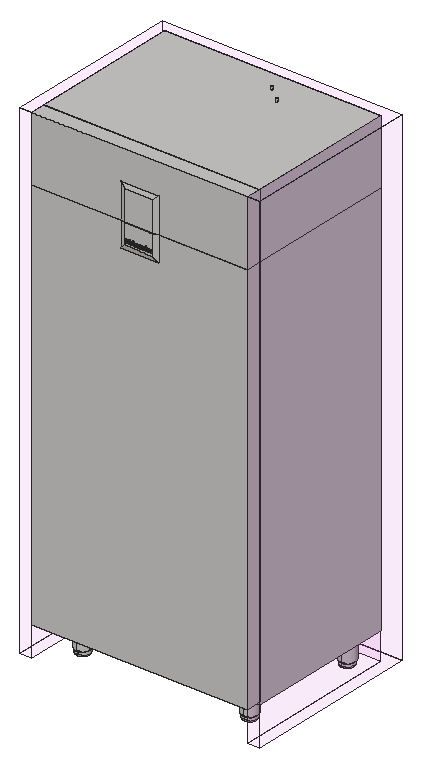
Revit family "QF_ELECTROLUXPROFESSIONAL_691341_PS06R1FRCO2", category Specialty Equipment, Revit 2018
Family settings
  Round Connector Dimension = Use Diameter
  Part Type = Normal
  Work Plane-Based = No
  Always vertical = Yes
  Cut with Voids When Loaded = No
  Shared = No
  Room Calculation Point = No
Parameters (values of type "Standard")
  Weight = 27.7757 lbm
  Watts = 0 W
  Volts = 220 V
  URL Manufacturer = "http://professional.electrolux.com"
  URL = "http://professional.electrolux.com"
  Steam Supply Size = 0"
  Steam Supply Minimum Pressure = 0.00 psi
  Steam Supply Maximum Pressure = 0.00 psi
  Steam Pounds per Hour = 0
  Show Clearance [instance] = yes
  Refrigeration Suction Line Size = 0.02625"
  Refrigeration Liquid Line Size = 0.02625"
  Refrigerant Compressor Remote = yes
  Phase = 1
  Model = "PS06R1FRCO2"
  Manufacturer = "Electrolux Professional"
  Length Actual = 900 mm  # constant formula
  Item Number = "691341"
  Hot Water Size = 0"
  Height Actual = 2040 mm  # constant formula
  HP = "0.2 HP"
  Gas Size = 0"
  Gas KW = 0
  Gas Input Pressure = 0.0 Btu/h
  Direct Waste Size = 0"
  Description = "1-DOOR REFRIGERATOR 720LT,0/+10°, PROSTORE,REMOTE,CO2+VALVE"
  Depth Actual = 700 mm  # constant formula
  Cycle = 60 Hz
  Condensate Return Size = 0"
  Compressed Air Volume = 0 GPM
  Compressed Air Size = 0"
  Compressed Air Pressure = 0.00 psi
  Cold Water Size = 0"
  Accessory = yes
Types (2, lengths in mm): name | URL | Phase | Model | Manufacturer | Description
  (no name) | "http://professional.electrolux.com/" | 0 | "RBC201" | "Electrolux" | "BLAST CHILLER 56 KG 20 GN1/1"
  Standard | "http://professional.electrolux.com" | 1 | "PS06R1FRCO2" | "Electrolux Professional" | "1-DOOR REFRIGERATOR 720LT,0/+10°, PROSTORE,REMOTE,CO2+VALVE"
Values of the unnamed type that differ from the named types
  Volts = 380 V
  URL Manufacturer = "http://professional.electrolux.com/"
  Item Number = "726624"
  Cycle = 50 Hz
Reference planes
  plane 1 "BACK": y = 0
  plane 2: z = 0
  plane 3 "LEFT": x = 0
  plane 4 "RIGHT": x = 900
  plane 5 "FRONT": y = -700
  plane 6 "TOP": z = 2040
  plane 7 "Center Y": x = 450
  plane 8 "Center X": y = -350
  plane 9: x = 102
  plane 10: x = 798
  plane 11: z = 115
  plane 12: z = 86
  plane 13: y = -80
  plane 14: y = -694
  plane 15: y = -1527
  plane 16: y = -630
  plane 17: z = 1770
  plane 18: x = -50
  plane 19: y = 50
  plane 20: x = 950
Forms (mm)
  Extrusion 1, solid, material "QF_Metal - Stainless - Polished"
    sketch origin (0, 0, 0) x (1, 0, 0) y (0, 0, 1)
      loop
        line (0, 2040) -> (0, 1770) -> (900, 1770) -> (900, 2040) -> (0, 2040)
    from 0 to 630
  Extrusion 2, solid, material "QF_Metal - Stainless - Polished"
    sketch origin (0, 0, 0) x (1, 0, 0) y (0, 0, 1)
      loop
        line (0, 1770) -> (0, 115) -> (900, 115) -> (900, 1770) -> (0, 1770)
    from 0 to 630
  Extrusion 3, solid, material "QF_Metal - Stainless - Polished"
    sketch origin (-370, 0, -128) x (1, 0, 0) y (0, 0, 1)
      loop
        circle (450, 1847.083) r 20
    from -7.507 to 0
  Extrusion 4, solid, material "QF_Door-Drawer Clearances", visible <- "Show Clearance", detail levels coarse
    sketch origin (0, 0, 0) x (1, 0, 0) y (0, 1, 0)
      loop
        line (900, -694) -> (0, -694)
        arc (0, -694) -> (275.209, -1299.35) -> (900, -1527) r 859.201
        line (900, -1527) -> (900, -694)
    from 127.536 to 1770
  Extrusion 5, solid, material "QF_Metal - Stainless - Polished"
    sketch origin (0, 130.478, 0) x (1, 0, 0) y (0, 0, 1)
      loop
        line (0, 2040) -> (0, 1770) -> (900, 1770) -> (900, 2040) -> (0, 2040)
    from 760.478 to 824.478
  Extrusion 6, solid, material "QF_Metal - Stainless - Polished"
    sketch origin (0, 140, 0) x (1, 0, 0) y (0, 0, 1)
      loop
        line (0, 1770) -> (0, 127.536) -> (900, 127.536) -> (900, 1770) -> (0, 1770)
    from 834 to 770
  Revolve 7, solid, material "QF_Metal - Stainless - Polished"
    sketch origin (798, -2.833, 0) x (0, 1, 0) y (0, 0, -1)
      loop
        line (-590.954, -115) -> (-553.167, -115) -> (-553.167, 0) -> (-578.757, 0)
        arc (-578.757, 0) -> (-580.973, -2.655) -> (-581.767, -6.021) r 7.527
        line (-581.767, -6.021) -> (-581.767, -17.561) -> (-585.28, -21.074) -> (-585.28, -110.008) -> (-590.954, -110.008) -> (-590.954, -115)
      axis (-553.167, 0) -> (-553.167, -115)
    angle from 0 to 360
  Revolve 8, solid, material "QF_Metal - Stainless - Polished"
    sketch origin (102, -2.833, 0) x (0, 1, 0) y (0, 0, 1)
      loop
        line (-590.954, 115) -> (-590.954, 110.008) -> (-585.28, 110.008) -> (-585.28, 21.074) -> (-581.767, 17.561) -> (-581.767, 6.021)
        arc (-581.767, 6.021) -> (-580.973, 2.655) -> (-578.757, 0) r 7.527
        line (-578.757, 0) -> (-553.167, 0) -> (-553.167, 115) -> (-590.954, 115)
      axis (-553.167, 0) -> (-553.167, 115)
    angle from 0 to 360
  Revolve 9, solid, material "QF_Metal - Stainless - Polished"
    sketch origin (824, -759.167, 0) x (0, -1, 0) y (0, 0, 1)
      loop
        line (-716.954, 115) -> (-716.954, 110.008) -> (-711.28, 110.008) -> (-711.28, 21.074) -> (-707.767, 17.561) -> (-707.767, 6.021)
        arc (-707.767, 6.021) -> (-706.973, 2.655) -> (-704.757, 0) r 7.527
        line (-704.757, 0) -> (-679.167, 0) -> (-679.167, 115) -> (-716.954, 115)
      axis (-679.167, 0) -> (-679.167, 115)
    angle from 0 to 360
  Revolve 10, solid, material "QF_Metal - Stainless - Polished"
    sketch origin (76, -759.167, 0) x (0, -1, 0) y (0, 0, 1)
      loop
        line (-716.954, 115) -> (-716.954, 110.008) -> (-711.28, 110.008) -> (-711.28, 21.074) -> (-707.767, 17.561) -> (-707.767, 6.021)
        arc (-707.767, 6.021) -> (-706.973, 2.655) -> (-704.757, 0) r 7.527
        line (-704.757, 0) -> (-679.167, 0) -> (-679.167, 115) -> (-716.954, 115)
      axis (-679.167, 0) -> (-679.167, 115)
    angle from 0 to 360
  Blend 11, solid, material "QF_Metal - Stainless - Polished"
    base sketch origin (0, -694, 0) x (1, 0, 0) y (0, 0, 1)
      loop
        line (370, 1914.822) -> (370, 1664.822) -> (530, 1664.822) -> (530, 1914.822) -> (370, 1914.822)
    top sketch origin (0, -694, 0) x (1, 0, 0) y (0, 0, 1)
      loop
        line (510, 1894.822) -> (390, 1894.822) -> (390, 1684.822) -> (510, 1684.822) -> (510, 1894.822)
    from 0 to 6
  Extrusion 12, void
    sketch origin (0, -700, 0) x (-1, 0, 0) y (0, 0, 1)
      loop
        line (-370, 1770.997) -> (-530, 1770.997) -> (-530, 1769.003) -> (-370, 1769.003) -> (-370, 1770.997)
    from 0 to 6
  Extrusion 13, solid, material "QF_Metal - Stainless - Polished"
    sketch origin (-206.75, 6.847, 2040) x (1, 0, 0) y (0, 1, 0)
      loop
        circle (718.778, -89.847) r 4
    from 0 to 10
  Extrusion 14, solid, material "QF_Metal - Stainless - Polished"
    sketch origin (-143.739, -46.153, 2040) x (1, 0, 0) y (0, 1, 0)
      loop
        circle (718.778, -89.847) r 4
    from 0 to 10
  Extrusion 15, solid, material "QF_Door-Drawer Clearances"
    sketch origin (0, 0, 0) x (1, 0, 0) y (0, 1, 0)
      loop
        line (0, -694) -> (0, 0) -> (900, 0) -> (900, -694) -> (950, -694) -> (950, 50) -> (-50, 50) -> (-50, -694) -> (0, -694)
    from 0 to 2040
Cuts and joins
  Extrusion 12 cuts Extrusion 1
  Extrusion 12 cuts Extrusion 2
  Extrusion 12 cuts Extrusion 5
  Extrusion 12 cuts Extrusion 6
  Extrusion 12 cuts Blend 11
Lines and regions (mm)
  Split face 1
    outline origin (0, -700, 0) x (1, 0, 0) y (0, 0, 1)
      loop
        line (415, 1894.822) -> (415, 1742.499) -> (485, 1742.499) -> (485, 1894.822)
  symbolic lines
    curve 1: line (0, 0, 0) -> (900, 0, 0)
    curve 2: line (0, -694, 0) -> (0, 0, 0)
    curve 3: line (900, -694, 0) -> (0, -694, 0)
    curve 4: line (900, 0, 0) -> (900, -694, 0)
    curve 5: line (0, -630, 0) -> (900, -630, 0)
    curve 6: line (370, -694, 0) -> (390, -700, 0)
    curve 7: line (390, -700, 0) -> (510, -700, 0)
    curve 8: line (510, -700, 0) -> (530, -694, 0)
  symbolic lines, style "QF_Door-Drawer Clearances"
    curve 9: arc (0, -694, 0) -> (275.209, -1299.35, 0) -> (900, -1527, 0) r 859.201
    curve 10: line (900, -1527, 0) -> (900, -694, 0)
    curve 11: line (0, -694, 0) -> (-50, -694, 0)
    curve 12: line (-50, -694, 0) -> (-50, 50, 0)
    curve 13: line (-50, 50, 0) -> (950, 50, 0)
    curve 14: line (950, 50, 0) -> (950, -694, 0)
    curve 15: line (950, -694, 0) -> (900, -694, 0)
Dimensions and locks
  equal spacing: plane 3 "LEFT", plane 7 "Center Y", plane 4 "RIGHT"
  plane 3 "LEFT" to plane 4 "RIGHT" = 900 mm
  equal spacing: plane 5 "FRONT", plane 8 "Center X", plane 1 "BACK"
  plane 5 "FRONT" to plane 1 "BACK" = 700 mm
  plane 6 "TOP" to level = 2040 mm
  plane 9 to plane 3 "LEFT" = 102 mm
  plane 10 to plane 4 "RIGHT" = 102 mm
  plane 10 to plane 9 = 696 mm
  plane 11 to level = 115 mm
  plane 12 to plane 11 = 29 mm
  plane 1 "BACK" to plane 13 = 80 mm
  plane 15 to plane 1 "BACK" = 1527 mm
  plane 3 "LEFT" to Extrusion 4 = 900 mm
  plane 11 to plane 2 = 115 mm
  plane 1 "BACK" to plane 16 = 630 mm
  plane 18 to plane 3 "LEFT" = 50 mm
  plane 4 "RIGHT" to plane 20 = 50 mm
  plane 1 "BACK" to plane 19 = 50 mm
  aligned and locked: level to plane 2
  aligned and locked: Extrusion 5 to plane 4 "RIGHT"
  aligned and locked: Extrusion 5 to plane 3 "LEFT"
  aligned and locked: plane 5 "FRONT" to Blend 11
Automatic sketch dimensions
  Extrusion 1 sketch curve to plane 3 "LEFT" = 0 mm
  plane 4 "RIGHT" to Extrusion 1 sketch curve = 0 mm
  Extrusion 1 sketch curve to plane 17 = 0 mm
  Extrusion 1 sketch curve to plane 6 "TOP" = 0 mm
  Extrusion 2 sketch curve to plane 3 "LEFT" = 0 mm
  plane 4 "RIGHT" to Extrusion 2 sketch curve = 0 mm
  Extrusion 2 sketch curve to plane 11 = 0 mm
  Extrusion 2 sketch curve to plane 17 = 0 mm
  Extrusion 3 sketch curve to plane 9 = 22 mm
  Extrusion 3 sketch curve to plane 17 = 50.917 mm
  Extrusion 4 sketch curve to plane 3 "LEFT" = 0 mm
  Extrusion 4 sketch curve to plane 4 "RIGHT" = 0 mm
  Extrusion 4 sketch curve to plane 15 = 0 mm
  plane 14 to Extrusion 4 sketch curve = 0 mm
  Extrusion 4 sketch curve to plane 14 = 25.214 mm
  Extrusion 5 sketch curve to plane 3 "LEFT" = 0 mm
  plane 4 "RIGHT" to Extrusion 5 sketch curve = 0 mm
  Extrusion 5 sketch curve to plane 17 = 0 mm
  Extrusion 5 sketch curve to plane 6 "TOP" = 0 mm
  Extrusion 6 sketch curve to plane 3 "LEFT" = 0 mm
  plane 4 "RIGHT" to Extrusion 6 sketch curve = 0 mm
  Extrusion 6 sketch curve to plane 17 = 0 mm
  plane 11 to Extrusion 6 sketch curve = 12.536 mm
  plane 11 to Revolve 7 sketch curve = 0 mm
  Revolve 7 sketch curve to level = 0 mm
  plane 16 to Revolve 7 sketch curve = 36.213 mm
  Revolve 7 sketch curve to Revolve 7 sketch curve = 5.674 mm
  Revolve 7 sketch curve to Revolve 7 sketch curve = 3.513 mm  (x2)
  Revolve 7 sketch curve to Revolve 7 sketch curve = 3.01 mm
  level to Revolve 7 sketch curve = 6.021 mm
  Revolve 7 sketch curve to Revolve 7 sketch curve = 21.073 mm
  Revolve 7 sketch curve to plane 11 = 4.992 mm  (x2)
  Revolve 7 sketch curve to Revolve 7 sketch curve = 15.053 mm
  Revolve 7 sketch curve to Revolve 7 sketch curve = 0 mm
  Revolve 7 sketch curve to Revolve 7 sketch curve = 20.008 mm
  Revolve 8 sketch curve to plane 11 = 0 mm
  Revolve 8 sketch curve to level = 0 mm
  plane 16 to Revolve 8 sketch curve = 36.213 mm
  Revolve 8 sketch curve to Revolve 8 sketch curve = 5.674 mm
  Revolve 8 sketch curve to Revolve 8 sketch curve = 3.513 mm  (x2)
  Revolve 8 sketch curve to Revolve 8 sketch curve = 3.01 mm
  level to Revolve 8 sketch curve = 6.021 mm
  Revolve 8 sketch curve to Revolve 8 sketch curve = 21.073 mm
  Revolve 8 sketch curve to Revolve 8 sketch curve = 11.54 mm
  Revolve 8 sketch curve to plane 11 = 4.992 mm
  Revolve 8 sketch curve to Revolve 8 sketch curve = 0 mm
  Revolve 8 sketch curve to Revolve 8 sketch curve = 4.992 mm
  plane 11 to Revolve 8 sketch curve = 20.008 mm
  Revolve 9 sketch curve to plane 11 = 0 mm
  Revolve 9 sketch curve to level = 0 mm
  Revolve 9 sketch curve to plane 13 = 0 mm  (x2)
  level to Revolve 9 sketch curve = 6.021 mm
  Revolve 9 sketch curve to plane 13 = 21.073 mm
  Revolve 9 sketch curve to Revolve 9 sketch curve = 4.517 mm
  Revolve 9 sketch curve to Revolve 9 sketch curve = 3.513 mm  (x2)
  Revolve 9 sketch curve to Revolve 9 sketch curve = 5.674 mm
  Revolve 9 sketch curve to Revolve 9 sketch curve = 11.54 mm
  Revolve 9 sketch curve to plane 11 = 4.992 mm
  Revolve 9 sketch curve to Revolve 9 sketch curve = 4.992 mm
  plane 11 to Revolve 9 sketch curve = 20.008 mm
  Revolve 10 sketch curve to plane 11 = 0 mm
  Revolve 10 sketch curve to level = 0 mm
  Revolve 10 sketch curve to plane 13 = 0 mm  (x2)
  Revolve 10 sketch curve to level = 6.021 mm
  plane 13 to Revolve 10 sketch curve = 21.073 mm
  Revolve 10 sketch curve to Revolve 10 sketch curve = 4.517 mm
  Revolve 10 sketch curve to Revolve 10 sketch curve = 3.513 mm  (x2)
  Revolve 10 sketch curve to Revolve 10 sketch curve = 5.674 mm
  Revolve 10 sketch curve to Revolve 10 sketch curve = 11.54 mm
  plane 11 to Revolve 10 sketch curve = 4.992 mm  (x2)
  Revolve 10 sketch curve to Revolve 10 sketch curve = 20.008 mm
  Blend 11 sketch curve to Extrusion 6 = 105.178 mm
  Blend 11 sketch curve to Extrusion 6 = 370 mm
  Blend 11 sketch curve to Blend 11 sketch curve = 160 mm
  Extrusion 6 to Blend 11 sketch curve = 144.822 mm
  Extrusion 6 to Blend 11 sketch curve = 124.822 mm
  Blend 11 sketch curve to Extrusion 6 = 390 mm
  Blend 11 sketch curve to Blend 11 sketch curve = 120 mm
  Blend 11 sketch curve to Extrusion 6 = 85.178 mm
  Split face 1 sketch curve to Blend 11 = 0 mm  (x2)
  Split face 1 sketch curve to Blend 11 = 25 mm  (x2)
  Split face 1 sketch curve to Blend 11 = 57.677 mm
  Extrusion 12 sketch curve to Blend 11 = 20 mm  (x2)
  Blend 11 to Extrusion 12 sketch curve = 84.181 mm
  Extrusion 12 sketch curve to Extrusion 12 sketch curve = 1.995 mm
  Extrusion 1 to Extrusion 13 sketch curve = 83 mm
  Extrusion 13 sketch curve to Extrusion 1 = 387.972 mm
  Extrusion 1 to Extrusion 14 sketch curve = 136 mm
  Extrusion 14 sketch curve to Extrusion 1 = 324.961 mm
  Extrusion 15 sketch curve to plane 18 = 0 mm
  plane 1 "BACK" to Extrusion 15 sketch curve = 0 mm
  Extrusion 15 sketch curve to plane 3 "LEFT" = 0 mm
  Extrusion 15 sketch curve to plane 4 "RIGHT" = 0 mm
  Extrusion 15 sketch curve to plane 19 = 0 mm
  Extrusion 15 sketch curve to plane 20 = 0 mm
  plane 14 to Extrusion 15 sketch curve = 0 mm  (x2)
  curve 13 to plane 18 = 0 mm
  curve 3 to plane 3 "LEFT" = 0 mm
  plane 5 "FRONT" to curve 7 = 0 mm
  curve 9 to plane 4 "RIGHT" = 0 mm
  curve 15 to plane 4 "RIGHT" = 0 mm
  plane 14 to curve 14 = 0 mm
  curve 14 to plane 20 = 0 mm
  curve 10 to plane 15 = 0 mm
  curve 5 to plane 16 = 0 mm
  plane 1 "BACK" to curve 4 = 0 mm
  curve 13 to plane 19 = 0 mm
  curve 7 to plane 7 "Center Y" = 60 mm
  plane 7 "Center Y" to curve 8 = 60 mm
  curve 9 to plane 14 = 25.214 mm
  curve 6 to curve 6 = 20 mm
  curve 7 to curve 8 = 20 mm
  radius of Extrusion 3 sketch curve = 20 mm
  radius of Extrusion 13 sketch curve = 4 mm
  radius of Extrusion 14 sketch curve = 4 mm
Nested families
  nested 1: "ELX_Logo_S" at (450.625, -700, 1704.375) x (1, 0, 0) z (0, -1, 0), type "ELX_Logo_S"
Connectors
  electrical at (80, 7.507, 1719.083), driven by "Volts"
    settings: on Extrusion 3, index 2, voltage 220 V, apparent load 0 VA, apparent load phase1 0 VA, apparent load phase2 0 VA, apparent load phase3 0 VA, power factor 1, load classification "Other", number of poles 1, system type 30, power factor state 1, is connector primary yes, connector utility no, sub classification motor no, connector description "Electrical Connection"
  piping at (512.028, -83, 2050), diameter 8
    settings: on Extrusion 13, index 3, connector inside diameter 24", connector length 0 mm, flow factor 0, pipe flow 0 GPM, pressure drop 0.00 psi, fitting loss kfactor 0, connector angle 0.00°, fixture units 0, engagement length 0 mm, angle of deflection 0.00°, flow configuration 0, flow direction 0, fitting loss method 0, system type 22, joint type 0, gender type 0, connector reference index -1, connector utility 0, adjustable connector no, is connector primary yes, connector description "Refrigerant outlet"
  piping at (575.039, -136, 2050), diameter 8
    settings: on Extrusion 14, index 4, connector inside diameter 24", connector length 0 mm, flow factor 0, pipe flow 0 GPM, pressure drop 0.00 psi, fitting loss kfactor 0, connector angle 0.00°, fixture units 0, engagement length 0 mm, angle of deflection 0.00°, flow configuration 0, flow direction 0, fitting loss method 0, system type 22, joint type 0, gender type 0, connector reference index -1, connector utility 0, adjustable connector no, is connector primary no, connector description "Refrigerant inlet"
Definition of nested family "ELX_Logo_S"
  Parameters (values of type "ELX_Logo_S")
    Default Elevation = 0 mm
  Reference planes
    plane 1 "Centro (Fronte/Retro)": y = 0
    plane 2: z = 0
    plane 3 "Centro (Sinistra/Destra)": x = 0
  Forms (mm)
    Extrusion 1, solid
      sketch origin (0, 0, 0) x (1, 0, 0) y (0, 1, 0)
        loop
          line (-1219.2, 1219.2) -> (-1219.2, -1219.2) -> (1219.2, -1219.2) -> (1219.2, 1219.2) -> (-1219.2, 1219.2)
      from 0 to -304.8
    Extrusion 2, solid
      sketch origin (0, 0, 0) x (1, 0, 0) y (0, 1, 0)
        loop
          line (-43.793, 5.912) -> (-43.793, -6.455)
          arc (-43.793, -6.455) -> (-39.222, -0.272) -> (-43.793, 5.912) r 6.467
        loop
          arc (-44.422, 5.912) -> (-49.565, 4.743) -> (-52.043, 0.087) r 6.338
          line (-52.043, 0.087) -> (-49.997, 0.087)
          arc (-49.997, 0.087) -> (-46.342, 1.57) -> (-44.422, 5.016) r 5.941
          line (-44.422, 5.016) -> (-44.422, 5.912)
        loop
          arc (-44.422, -5.559) -> (-46.342, -2.114) -> (-49.997, -0.63) r 5.941
          line (-49.997, -0.63) -> (-52.043, -0.63)
          arc (-52.043, -0.63) -> (-49.569, -5.324) -> (-44.422, -6.614) r 6.504
          line (-44.422, -6.614) -> (-44.422, -5.559)
        loop
          line (-52.512, 6.586) -> (-52.512, -7.158) -> (-38.749, -7.158) -> (-38.749, 6.586) -> (-52.512, 6.586)
        loop
          arc (-35.782, 6.67) -> (-36.139, 6.322) -> (-35.801, 5.955) r 0.358
          arc (-35.801, 5.955) -> (-35.051, 5.641) -> (-34.666, 4.924) r 1.216
          line (-34.666, 4.924) -> (-34.666, -5.488)
          arc (-34.666, -5.488) -> (-34.944, -6.148) -> (-35.54, -6.544) r 1.238
          arc (-35.54, -6.544) -> (-35.791, -6.939) -> (-35.437, -7.244) r 0.358
          line (-35.437, -7.244) -> (-25.558, -7.244) -> (-25.558, -4.494) -> (-26.455, -4.494)
          arc (-26.455, -4.494) -> (-27.035, -5.403) -> (-28.012, -5.858) r 1.928
          line (-28.012, -5.858) -> (-30.511, -5.858)
          arc (-30.511, -5.858) -> (-31.24, -5.583) -> (-31.604, -4.894) r 1.101
          line (-31.604, -4.894) -> (-31.604, -0.808) -> (-27.931, -0.808)
          arc (-27.931, -0.808) -> (-27.434, -1.16) -> (-27.206, -1.725) r 1.083
          arc (-27.206, -1.725) -> (-26.9, -1.989) -> (-26.622, -1.697) r 0.292
          line (-26.622, -1.697) -> (-26.622, 1.265)
          arc (-26.622, 1.265) -> (-26.895, 1.568) -> (-27.225, 1.329) r 0.305
          arc (-27.225, 1.329) -> (-27.473, 0.839) -> (-27.931, 0.534) r 1.083
          line (-27.931, 0.534) -> (-31.604, 0.534) -> (-31.604, 5.211) -> (-27.857, 5.211)
          arc (-27.857, 5.211) -> (-27.101, 4.997) -> (-26.603, 4.39) r 1.314
          arc (-26.603, 4.39) -> (-26.199, 4.171) -> (-25.907, 4.526) r 0.361
          line (-25.907, 4.526) -> (-25.907, 6.67) -> (-35.782, 6.67)
        loop
          arc (-25.126, 5.953) -> (-24.207, 5.572) -> (-23.827, 4.654) r 1.299
          line (-23.827, 4.654) -> (-23.827, -4.925)
          arc (-23.827, -4.925) -> (-24.205, -5.763) -> (-25.083, -6.035) r 1.118
          line (-25.083, -6.035) -> (-25.083, -7.244) -> (-19.733, -7.244) -> (-19.733, -6.056)
          arc (-19.733, -6.056) -> (-20.65, -5.784) -> (-21.046, -4.914) r 1.153
          line (-21.046, -4.914) -> (-21.046, 7.158) -> (-25.126, 5.953)
        loop
          line (-17.097, -2.28) -> (-10.65, -2.28) -> (-10.65, -1.481)
          arc (-10.65, -1.481) -> (-11.634, 1.1) -> (-14.088, 2.369) r 3.874
          line (-14.088, 2.369) -> (-15.848, 2.369)
          arc (-15.848, 2.369) -> (-18.713, 1.182) -> (-19.899, -1.682) r 4.051
          line (-19.899, -1.682) -> (-19.899, -3.691)
          arc (-19.899, -3.691) -> (-18.414, -6.509) -> (-15.407, -7.561) r 4.352
          arc (-15.407, -7.561) -> (-12.944, -7.196) -> (-10.87, -5.819) r 5.713
          line (-10.87, -5.819) -> (-10.87, -4.87)
          arc (-10.87, -4.87) -> (-12.439, -5.603) -> (-14.157, -5.819) r 5.579
          arc (-14.157, -5.819) -> (-16.12, -5.025) -> (-17.097, -3.146) r 3.057
          line (-17.097, -3.146) -> (-17.097, -2.28)
        loop
          line (-17.097, -1.02) -> (-13.515, -1.02)
          arc (-13.515, -1.02) -> (-13.468, 0.436) -> (-14.627, 1.319) r 1.59
          line (-14.627, 1.319) -> (-15.457, 1.319)
          arc (-15.457, 1.319) -> (-16.712, 0.455) -> (-17.097, -1.02) r 2.184
        loop
          arc (-1.232, 1.771) -> (-2.906, 2.259) -> (-4.643, 2.417) r 9.023
          line (-4.643, 2.417) -> (-6.005, 2.417)
          arc (-6.005, 2.417) -> (-8.805, 1.257) -> (-9.965, -1.542) r 3.959
          line (-9.965, -1.542) -> (-9.965, -4.142)
          arc (-9.965, -4.142) -> (-8.672, -6.424) -> (-6.299, -7.541) r 4.331
          line (-6.299, -7.541) -> (-4.164, -7.541)
          arc (-4.164, -7.541) -> (-2.614, -7.033) -> (-1.268, -6.112) r 5.772
          arc (-1.268, -6.112) -> (-1.217, -5.35) -> (-1.976, -5.263) r 0.553
          arc (-1.976, -5.263) -> (-2.71, -5.651) -> (-3.529, -5.785) r 2.573
          line (-3.529, -5.785) -> (-5.044, -5.785)
          arc (-5.044, -5.785) -> (-6.686, -4.779) -> (-7.328, -2.965) r 2.884
          line (-7.328, -2.965) -> (-7.328, -1.686)
          arc (-7.328, -1.686) -> (-6.768, 0.135) -> (-5.103, 1.062) r 2.554
          line (-5.103, 1.062) -> (-4.05, 1.062)
          arc (-4.05, 1.062) -> (-3.122, 0.73) -> (-2.387, 0.073) r 2.564
          arc (-2.387, 0.073) -> (-1.67, -0.148) -> (-1.232, 0.461) r 0.643
          line (-1.232, 0.461) -> (-1.232, 1.771)
        loop
          line (-0.962, 0.752) -> (0.539, 0.752) -> (0.539, -5.296)
          arc (0.539, -5.296) -> (1.197, -6.884) -> (2.785, -7.541) r 2.246
          line (2.785, -7.541) -> (4.369, -7.541)
          arc (4.369, -7.541) -> (5.233, -7.228) -> (6.005, -6.727) r 4.06
          arc (6.005, -6.727) -> (6.138, -5.995) -> (5.437, -5.743) r 0.576
          arc (5.437, -5.743) -> (4.911, -5.849) -> (4.379, -5.785) r 1.69
          arc (4.379, -5.785) -> (3.591, -5.244) -> (3.288, -4.337) r 1.506
          line (3.288, -4.337) -> (3.288, 0.801) -> (5.685, 0.801) -> (6.241, 1.357) -> (6.241, 2.179) -> (3.382, 2.179) -> (3.382, 5.41) -> (-0.962, 0.752)
        loop
          line (7.139, -7.324) -> (12.526, -7.324) -> (12.526, -6.214)
          arc (12.526, -6.214) -> (11.575, -5.82) -> (11.181, -4.869) r 1.345
          line (11.181, -4.869) -> (11.181, -1.253)
          arc (11.181, -1.253) -> (11.773, -0.488) -> (12.695, -0.199) r 1.615
          line (12.695, -0.199) -> (14.251, -0.199) -> (14.936, 2.357) -> (13.553, 2.357) -> (10.994, 0.414) -> (10.994, 2.295) -> (8.288, 2.01)
          arc (8.288, 2.01) -> (7.758, 1.571) -> (7.959, 0.912) r 0.621
          arc (7.959, 0.912) -> (8.301, 0.512) -> (8.484, 0.018) r 1.501
          line (8.484, 0.018) -> (8.484, -4.869)
          arc (8.484, -4.869) -> (8.09, -5.82) -> (7.139, -6.214) r 1.345
          line (7.139, -6.214) -> (7.139, -7.324)
        loop
          line (14.473, -1.222) -> (14.473, -3.914)
          arc (14.473, -3.914) -> (15.781, -6.36) -> (18.311, -7.494) r 4.288
          arc (18.311, -7.494) -> (19.692, -7.557) -> (21.072, -7.494) r 15.022
          arc (21.072, -7.494) -> (23.603, -6.36) -> (24.91, -3.914) r 4.288
          line (24.91, -3.914) -> (24.91, -1.222)
          arc (24.91, -1.222) -> (23.603, 1.223) -> (21.072, 2.357) r 4.288
          arc (21.072, 2.357) -> (19.692, 2.421) -> (18.311, 2.357) r 15.022
          arc (18.311, 2.357) -> (15.781, 1.223) -> (14.473, -1.222) r 4.288
        loop
          line (17.587, -1.017) -> (17.587, -4.119)
          arc (17.587, -4.119) -> (19.744, -6.276) -> (21.901, -4.119) r 2.157
          line (21.901, -4.119) -> (21.901, -1.017)
          arc (21.901, -1.017) -> (19.744, 1.14) -> (17.587, -1.017) r 2.157
        loop
          arc (24.768, 5.964) -> (25.662, 5.593) -> (26.033, 4.699) r 1.264
          line (26.033, 4.699) -> (26.033, -5.165)
          arc (26.033, -5.165) -> (25.636, -6.035) -> (24.72, -6.307) r 1.153
          line (24.72, -6.307) -> (24.72, -7.244) -> (29.828, -7.244) -> (29.828, -6.316)
          arc (29.828, -6.316) -> (29.056, -5.957) -> (28.741, -5.165) r 1.153
          line (28.741, -5.165) -> (28.741, 7.158) -> (24.768, 5.964)
        loop
          arc (29.365, 1.084) -> (30.43, 0.885) -> (30.912, -0.085) r 1.215
          line (30.912, -0.085) -> (30.912, -5.105)
          arc (30.912, -5.105) -> (31.559, -6.719) -> (33.142, -7.44) r 2.338
          line (33.142, -7.44) -> (34.657, -7.44)
          arc (34.657, -7.44) -> (35.661, -7.266) -> (36.547, -6.763) r 2.979
          line (36.547, -6.763) -> (38.344, -7.244) -> (40.032, -7.244) -> (40.032, 2.181) -> (35.829, 1.887) -> (35.829, 1.101)
          arc (35.829, 1.101) -> (36.665, 0.745) -> (37.174, -0.007) r 1.605
          line (37.174, -0.007) -> (37.174, -5.11)
          arc (37.174, -5.11) -> (36.237, -5.531) -> (35.213, -5.603) r 2.94
          arc (35.213, -5.603) -> (34.112, -5.042) -> (33.669, -3.889) r 1.724
          line (33.669, -3.889) -> (33.669, 2.307) -> (29.365, 1.084)
        loop
          line (40.886, 2.112) -> (42.932, 0.44) -> (45.238, -2.734) -> (42.126, -6.191)
          arc (42.126, -6.191) -> (41.732, -6.428) -> (41.273, -6.405) r 0.789
          line (41.273, -6.405) -> (41.273, -7.244) -> (44.818, -7.244) -> (44.818, -6.418)
          arc (44.818, -6.418) -> (44.456, -6.076) -> (44.548, -5.586) r 0.52
          line (44.548, -5.586) -> (46.019, -3.786) -> (47.394, -5.904)
          arc (47.394, -5.904) -> (47.084, -6.305) -> (46.585, -6.392) r 0.7
          line (46.585, -6.392) -> (46.585, -7.244) -> (52.512, -7.244) -> (52.512, -6.358)
          arc (52.512, -6.358) -> (51.853, -6.291) -> (51.322, -5.896) r 1.247
          line (51.322, -5.896) -> (48.041, -1.696) -> (50.094, 0.751) -> (51.836, 2.112) -> (48.112, 2.112) -> (48.535, 0.627) -> (47.258, -0.895) -> (46.068, 0.806) -> (46.844, 2.112) -> (40.886, 2.112)
      from 0 to 1.644
  Dimensions and locks
    aligned and locked: plane 2 to Extrusion 1
    aligned and locked: level to Extrusion 1
